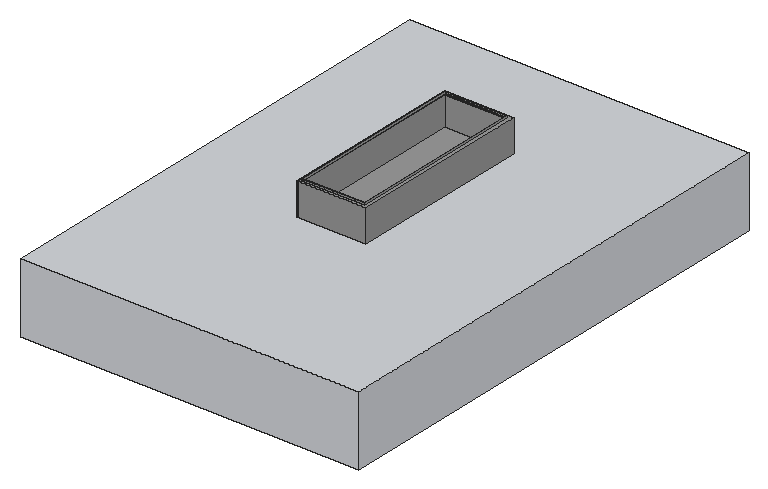
Revit family "Hager-Univers-IP30-D160-1x5rows-Cl.II-FWQ_encl_QS-NL-en", category Equipement électrique, Revit 2020
Family settings
  Hôte = Face
  Configuration du panneau = Deux colonnes, circuits au sein
  Cote de connecteur circulaire = Utiliser le diamètre
  Type d'élément = Tableau de raccordement
  Couper avec des vides une fois chargée = Non
  Partagée = Non
  Point de calcul de pièce = Non
Parameters (values of type "Surface mounted (plaster) IP30 W300 H800 D160  - FWQ51D1")
  Width Control [instance] = if([EF000008 - Width] > Min Width, [EF000008 - Width], Min Width)  # 300 mm
  Commentaires du type = [HG000003 - Range]  # "Univers"
  Thickness Door [instance] = if([EF009171 - Material plate thickness door/cover] > 3 mm, 3 mm, [EF009171 - Material plate thickness door/cover])  # 2 mm
  Seal Frame Offset [instance] = 17 mm  # constant formula
  Plinth Visibility [instance] = [HG000027 - Plinth height] > 0 mm  # no
  Model = ""
  Min Width [instance] = 100 mm  # constant formula
  Min Height [instance] = 100 mm  # constant formula
  Min Depth [instance] = (2 * [EF009170 - Material plate thickness cabinet]) + 1 mm  # 5 mm
  Internal Frame Depth [instance] = (Door System Depth * 0.5)  # 9 mm
  Height Control [instance] = if([EF000040 - Height] > Min Height, [EF000040 - Height], Min Height)  # 800 mm
  HG000027 - Plinth height = 0 mm
  HG000026 - Floor standing = no
  HG000024 - Bottom section height = 800 mm
  HG000023 - Double section enclosure = no
  HG000016 - Door 3d visibility [instance] = yes
  HG000015 - Clearance visibility [instance] = no
  HG000014 - Door on the right [instance] = yes
  HG000013 - Door on the left [instance] = not([HG000014 - Door on the right])  # no
  HG000012 - Door swing angle [instance] = 30.00°
  HG000010 - Asymmetric doors = no
  HG000009 - Double swing door = no
  HG000006 - Flush mounted = no
  HG000004 - Manufacturer reference = "FWQ51D1"
  HG000003 - Range = "Univers"
  HG000002 - With door or cover = no
  Frame Offset Bottom [instance] = 10 mm  # constant formula
  Frame Offset [instance] = 15 mm  # constant formula
  EF015940 - Cover with overpressure release = no
  EF011959 - Degree of protection (NEMA) = ""
  EF009554 - Number of openings for flange plates = 2
  EF009212 - Cover model = "EV009916 - With notch"
  EF009171 - Material plate thickness door/cover = 2 mm
  EF009170 - Material plate thickness cabinet = 2 mm
  Fabricant = "Hager"  # constant formula
  EF008873 - Nominal current (In) = 125 A
  EF007800 - Suitable for lightning protection = no
  EF006306 - With lock = no
  EF006244 - Transparent cover/door = no
  EF005474 - Degree of protection (IP) = "EV006410 - IP30"
  EF004464 - Type of door = "EV002646 - Single"
  EF004427 - Number of modules = 60
  EF004293 - Impact strength = ""
  EF003532 - Suitable for outdoor use = no
  EF002950 - Width in number of modular spacings = 12
  EF001613 - Circuit integrity = "EV000494 - None"
  EF001596 - Material housing = "EV000179 - Steel"
  EF001131 - Internal depth = 160 mm
  EF001088 - Extension possible = yes
  EF000437 - Number of conduit inlets = 4
  EF000339 - Type of cover = "EV001012 - Cover"
  EF000266 - Number of rows = 5
  EF000218 - Built-in depth = 0 mm
  EF000118 - With mounting plate = yes
  EF000116 - RAL-number = "9010"
  EF000049 - Depth = 160 mm
  EF000040 - Height = 800 mm
  EF000008 - Width = 300 mm
  EF000007 - Colour = "EV000202 - White"
  EF000003 - Mounting method = "EV000384 - Surface mounted (plaster)"
  Door System Leaf Tolerance [instance] = 1.5 mm  # constant formula
  Door System Depth [instance] = 18 mm  # constant formula
  Door Height [instance] = Height Control - [HG000027 - Plinth height]  # 800 mm
  Depth Control [instance] = if([EF000049 - Depth] > Min Depth, [EF000049 - Depth], Min Depth)  # 160 mm
  Default Elevation = 0 mm
  Connector Offset [instance] = Height Control / 2  # 400 mm
  Bottom Top Plate Trim [instance] = 1.5 mm  # constant formula
  Plinth height Ctrl [instance] = if([HG000027 - Plinth height] > 0 mm, [HG000027 - Plinth height], 12 mm)  # 12 mm
Reference planes
  plane 1 "Center (Front/Back)": y = 0
  plane 2: z = 0
  plane 3 "Center (Left/Right)": x = 0
  plane 4: z = 160
  plane 5: y = 2
  plane 6: y = 400
  plane 7: y = 0
  plane 8: y = 800
  plane 9: z = 0
  plane 10: x = -135
  plane 11: x = 135
  plane 12: x = 133
  plane 13: x = -133
  plane 14: y = 798
  plane 15: x = -133
  plane 16: x = -150
  plane 17: x = 133
  plane 18: x = 150
  plane 19: x = 148
  plane 20: x = -148
  plane 21: y = 12
  plane 22: y = 800
  plane 23: y = 783
  plane 24: z = 142
  plane 25: z = 2
  plane 26: z = 140
  plane 27: z = 158
Forms (mm)
  Extrusion 1, solid
    sketch origin (0, 0, 0) x (1, 0, 0) y (0, 1, 0)
      loop
        line (-702.964, 1305) -> (-702.964, -811.445) -> (766.763, -811.445) -> (766.763, 1305) -> (-702.964, 1305)
    from 0 to -304.8
  Extrusion 2, solid, material "Hager_Steel_RAL7035_Light_Grey", visible <- "Plinth Visibility", detail levels medium+fine
    sketch origin (0, 0, 0) x (1, 0, 0) y (0, 1, 0)
      loop
        line (-150, 0) -> (150, 0) -> (150, 12) -> (-150, 12) -> (-150, 0)
    from 0 to 142
  Extrusion 3, solid, material "Hager_Steel_RAL7035_Light_Grey", detail levels medium+fine
    sketch origin (0, 0, 0) x (1, 0, 0) y (0, 1, 0)
      loop
        line (-150, 0) -> (150, 0) -> (150, 800) -> (-150, 800) -> (-150, 0)
    from 0 to 142
  Extrusion 4, void
    sketch origin (0, 0, 0) x (1, 0, 0) y (0, 1, 0)
      loop
        line (-148, 2) -> (148, 2) -> (148, 798) -> (-148, 798) -> (-148, 2)
    from 2 to 140
  Extrusion 5, void
    sketch origin (-381.607, -4572, 142) x (0, -1, 0) y (-1, 0, 0)
      loop
        line (-4584, -248.607) -> (-5355, -248.607) -> (-5355, -514.607) -> (-4584, -514.607) -> (-4584, -248.607)
    from 0 to 2 <- "EF009170 - Material plate thickness cabinet"
  Extrusion 6, solid, material "Hager_Steel_RAL7035_Light_Grey", detail levels fine
    sketch origin (0, 0, 142) x (1, 0, 0) y (0, 1, 0)
      loop
        line (-133, 783) -> (-133, 12) -> (133, 12) -> (133, 783) -> (-133, 783)
      loop
        line (-135, 10) -> (135, 10) -> (135, 785) -> (-135, 785) -> (-135, 10)
    from 0 to 9 <- "Internal Frame Depth"
  Extrusion 7, solid, material "Hager_Steel_RAL7035_Light_Grey", detail levels coarse
    sketch origin (0, 0, 0) x (1, 0, 0) y (0, 1, 0)
      loop
        line (-150, 0) -> (150, 0) -> (150, 800) -> (-150, 800) -> (-150, 0)
    from 0 to 160
  Sweep 8, void
    path in 3D
      loop
        line (-150, 12, 0) -> (150, 12, 0) -> (150, 12, 142) -> (-150, 12, 142) -> (-150, 12, 0)
    profile origin (-150, 12, 71) x (-1, 0, 0) y (0, -1, 0)
      loop
        line (0, 0) -> (0, 1.5) -> (-1.5, 1.5)
        arc (-1.5, 1.5) -> (-1.061, 0.439) -> (0, 0) r 1.5
Cuts and joins
  Extrusion 4, Extrusion 5 cuts Extrusion 3
  Sweep 8 cuts Extrusion 2
Lines and regions (mm)
  Masking region 1
    outline origin (0, 0, 0) x (1, 0, 0) y (0, 0, 1)
      loop
        line (-150, 160) -> (-150, 0) -> (150, 0) -> (150, 160) -> (-150, 160)
  Masking region 2, detail levels medium+fine
    outline origin (0, 140, 0) x (0, 1, 0) y (0, 0, 1)
      loop
        line (-140, 0) -> (660, 0) -> (660, 142) -> (-140, 142) -> (-140, 0)
  Masking region 3, not visible, detail levels medium+fine
    outline origin (0, 297.922, 0) x (0, 1, 0) y (0, 0, 1)
      loop
        line (113.578, 0) -> (153.578, 0) -> (153.578, 148)
        arc (153.578, 148) -> (150.649, 155.071) -> (143.578, 158) r 10
        line (143.578, 158) -> (113.578, 158) -> (113.578, 0)
  Masking region 4, detail levels coarse
    outline origin (0, 0, 180) x (0, 1, 0) y (0, 0, 1)
      loop
        line (0, -180) -> (800, -180) -> (800, -20) -> (0, -20) -> (0, -180)
  Masking region 5, visible <- "Plinth Visibility", detail levels medium+fine
    outline origin (0, 52.24, 12.345) x (0, 0, -1) y (0, 1, 0)
      loop
        line (10.845, -40.24) -> (-128.155, -40.24)
        arc (-128.155, -40.24) -> (-128.594, -41.301) -> (-129.655, -41.74) r 1.5
        line (-129.655, -41.74) -> (-129.655, -52.24) -> (12.345, -52.24) -> (12.345, -41.74)
        arc (12.345, -41.74) -> (11.285, -41.301) -> (10.845, -40.24) r 1.5
  Masking region 6, detail levels medium+fine
    outline origin (-381.607, -4572, 142) x (-1, 0, 0) y (0, -1, 0)
      loop
        line (-231.607, -5372) -> (-231.607, -4572) -> (-531.607, -4572) -> (-531.607, -5372) -> (-231.607, -5372)
  Masking region 7, visible <- "Plinth Visibility", detail levels medium+fine
    outline origin (-381.607, -4727, 142) x (-1, 0, 0) y (0, -1, 0)
      loop
        arc (-233.107, -4739) -> (-232.668, -4737.939) -> (-231.607, -4737.5) r 1.5
        line (-231.607, -4737.5) -> (-231.607, -4727) -> (-531.607, -4727) -> (-531.607, -4737.5)
        arc (-531.607, -4737.5) -> (-530.546, -4737.939) -> (-530.107, -4739) r 1.5
        line (-530.107, -4739) -> (-233.107, -4739)
  Masking region 8, detail levels coarse
    outline origin (-442.548, -4669.526, 142) x (-1, 0, 0) y (0, -1, 0)
      loop
        line (-292.548, -5469.526) -> (-292.548, -4669.526) -> (-592.548, -4669.526) -> (-592.548, -5469.526) -> (-292.548, -5469.526)
  sketch lines
    curve 1: line (-150, 12, 142) -> (-150, 12, 0)
    curve 2: line (150, 12, 142) -> (-150, 12, 142)
    curve 3: line (150, 12, 142) -> (150, 12, 0)
    curve 4: line (-150, 12, 0) -> (150, 12, 0)
Dimensions and locks
  "Depth Control": plane 4 to Extrusion 1
  "HG000027 - Plinth height": plane 1 "Center (Front/Back)" to plane 7
  "EF009170 - Material plate thickness cabinet": plane 5 to plane 7
  locked: connector elem to plane 3 "Center (Left/Right)"
  equal spacing: plane 8, plane 6, plane 7
  locked: connector elem to plane 6
  "EF009170 - Material plate thickness cabinet": plane 8 to plane 14
  "EF009170 - Material plate thickness cabinet": plane 10 to plane 13
  "EF009170 - Material plate thickness cabinet": plane 12 to plane 11
  "Frame Offset": plane 20 to plane 13
  "Frame Offset": plane 12 to plane 19
  "EF009170 - Material plate thickness cabinet": plane 16 to plane 20
  "EF009170 - Material plate thickness cabinet": plane 19 to plane 18
  "Seal Frame Offset": plane 16 to plane 15
  "Seal Frame Offset": plane 17 to plane 18
  "Frame Offset Bottom": plane 21 to plane 5
  "Frame Offset": plane 14 to plane 23
  equal spacing: plane 16, plane 3 "Center (Left/Right)", plane 18
  "Width Control": plane 16 to plane 18
  "EF009170 - Material plate thickness cabinet": plane 4 to plane 27
  "EF009170 - Material plate thickness cabinet": plane 24 to plane 26
  "EF009170 - Material plate thickness cabinet": plane 25 to level
  "Door System Depth": plane 4 to plane 24
  "Height Control": plane 1 "Center (Front/Back)" to Extrusion 7 sketch curve
  "Height Control": Masking region 4 sketch curve to plane 1 "Center (Front/Back)"
  "Height Control": plane 1 "Center (Front/Back)" to plane 22
  "Bottom Top Plate Trim": profile plane to Sweep 8 sketch curve
  "Bottom Top Plate Trim": Sweep 8 sketch curve to profile plane
  "Plinth height Ctrl": plane 1 "Center (Front/Back)" to Extrusion 2 sketch curve
  "Plinth height Ctrl": Masking region 5 sketch curve to plane 1 "Center (Front/Back)"
  "Plinth height Ctrl": plane 1 "Center (Front/Back)" to Masking region 7 sketch curve
  "Thickness Door": Extrusion 6 sketch curve to Extrusion 6 sketch curve  (x3)
  "Thickness Door": cut or joined group of Extrusion 3, Extrusion 4, Extrusion 5 to Extrusion 6 sketch curve
  radius of Masking region 3 sketch curve = 10 mm
  "Bottom Top Plate Trim": radius of Masking region 5 sketch curve  (x2)
  "Bottom Top Plate Trim": radius of Sweep 8 sketch curve
  "Bottom Top Plate Trim": radius of Masking region 7 sketch curve  (x2)
  aligned and locked: plane 2 to Extrusion 1
  aligned and locked: level to Extrusion 1
  aligned and locked: level to Masking region 1 sketch curve
  aligned and locked: Masking region 1 sketch curve to plane 18
  aligned and locked: Masking region 1 sketch curve to plane 16
  aligned and locked: plane 7 to Masking region 2 sketch curve
  aligned and locked: level to Masking region 3 sketch curve
  aligned and locked: Masking region 3 sketch curve to plane 27
  aligned and locked: level to Masking region 2 sketch curve
  aligned and locked: plane 1 "Center (Front/Back)" to Extrusion 2 sketch curve
  aligned and locked: Extrusion 3 sketch curve to plane 7
  aligned and locked: plane 16 to Extrusion 3 sketch curve
  aligned and locked: plane 18 to Extrusion 3 sketch curve
  aligned and locked: plane 20 to Extrusion 4 sketch curve
  aligned and locked: plane 19 to Extrusion 4 sketch curve
  aligned and locked: Extrusion 4 sketch curve to plane 5
  aligned and locked: Extrusion 4 to plane 25
  aligned and locked: plane 26 to Extrusion 4
  aligned and locked: plane 24 to Extrusion 3
  aligned and locked: plane 21 to Extrusion 5 sketch curve
  aligned and locked: Extrusion 5 sketch curve to plane 13
  aligned and locked: Extrusion 5 sketch curve to plane 12
  aligned and locked: plane 18 to Extrusion 7 sketch curve
  aligned and locked: plane 1 "Center (Front/Back)" to Extrusion 7 sketch curve
  aligned and locked: plane 16 to Extrusion 7 sketch curve
  aligned and locked: plane 4 to Extrusion 7
  aligned and locked: Extrusion 7 to level
  aligned and locked: level to Masking region 4 sketch curve
  aligned and locked: Masking region 4 sketch curve to plane 1 "Center (Front/Back)"
  aligned and locked: Masking region 4 sketch curve to plane 4
  aligned and locked: nested 1 to level
  aligned and locked: nested 1 to plane 16
  aligned and locked: plane 8 to Extrusion 3 sketch curve
  aligned and locked: plane 23 to Extrusion 5 sketch curve
  aligned and locked: plane 14 to Extrusion 4 sketch curve
  aligned and locked: Masking region 2 sketch curve to plane 8
  aligned and locked: level to Masking region 5 sketch curve
  aligned and locked: plane 16 to Extrusion 2 sketch curve
  aligned and locked: plane 18 to Extrusion 2 sketch curve
  aligned and locked: Masking region 5 sketch curve to plane 24
  aligned and locked: Masking region 2 sketch curve to plane 24
  aligned and locked: plane 24 to Extrusion 2
  aligned and locked: profile plane to Sweep 8 sketch curve  (x2)
  aligned and locked: Masking region 6 sketch curve to plane 18
  aligned and locked: Masking region 6 sketch curve to plane 22
  aligned and locked: Masking region 6 sketch curve to plane 16
  aligned and locked: plane 8 to plane 22
  aligned and locked: plane 7 to Masking region 6 sketch curve
  aligned and locked: Masking region 7 sketch curve to plane 16
  aligned and locked: Masking region 7 sketch curve to plane 1 "Center (Front/Back)"
  aligned and locked: Masking region 7 sketch curve to plane 18
  aligned and locked: Masking region 8 sketch curve to plane 1 "Center (Front/Back)"
  aligned and locked: Masking region 8 sketch curve to plane 18
  aligned and locked: Masking region 8 sketch curve to plane 22
  aligned and locked: Masking region 8 sketch curve to plane 16
  aligned and locked: nested 2 to plane 7
  aligned and locked: plane 3 "Center (Left/Right)" to nested 2
  aligned and locked: plane 24 to nested 2
  aligned and locked: Extrusion 6 sketch curve to cut or joined group of Extrusion 3, Extrusion 4, Extrusion 5  (x4)
Automatic sketch dimensions
  Extrusion 1 sketch curve to Extrusion 1 sketch curve = 1469.727 mm
  Extrusion 1 sketch curve to Extrusion 1 sketch curve = 2116.445 mm
  Masking region 1 sketch curve to plane 4 = 0 mm
  plane 6 to Masking region 3 sketch curve = 11.5 mm
  Masking region 3 sketch curve to Masking region 3 sketch curve = 30 mm
  Masking region 5 sketch curve to plane 1 "Center (Front/Back)" = 0 mm
Nested families
  nested 1: "Hager_Enclosure_Symbol" at (-150, 0, 0) x (1, 0, 0) z (0, -1, 0), Height <- "Depth Control", Width <- "Width Control", type "Hager_Enclosure_Symbol"
    with Width_Ctrl 300 mm, Width 300 mm, Height_Ctrl 160 mm, Height 160 mm, A_Width_Int 10.5 mm, A_Width 126 mm, A_Height_Ctrl 140 mm, A_Height 140 mm
  nested 2: "EC000058_Univers_Door" at (0, 0, 142) x (1, 0, 0) z (0, 1, 0), Leaf_Tolerance <- "Door System Leaf Tolerance", Angle <- "HG000012 - Door swing angle", Door_Depth <- "Door System Depth", Door_Left <- "HG000013 - Door on the left", Transparent <- "EF006244 - Transparent cover/door", Assymetrical <- "HG000010 - Asymmetric doors", Width <- "Width Control", Clearance <- "HG000015 - Clearance visibility", Double <- "HG000009 - Double swing door", 3d_Door <- "HG000016 - Door 3d visibility", Lock_Visibility <- "EF006306 - With lock", Width_Ctrl <- "Width Control", Door_Right <- "HG000014 - Door on the right", Door <- "HG000002 - With door or cover", Height <- "Door Height", Thickness <- "Thickness Door", type "EC000058_Univers_Door", detail levels medium+fine
    with min_wh 5 mm, Width_Ctrl 300 mm, Width 300 mm, Transparent no, Thickness 2 mm, Seal_Material Hager_Rubber, Lock_Visibility no, Lock_Material Hager_Plastic_RAL9005_Jet_Black, Leaf_Width 300 mm, Leaf_Tolerance_External_Sides 0 mm, Leaf_Tolerance 1.5 mm, Leaf_Offset 0 mm, Leaf_Height 797 mm, Leaf_2_Width 300 mm, Leaf_2_Offset 150 mm, Leaf_1_Width 300 mm, Leaf_1_Offset 150 mm, Height_Ctrl 800 mm, Height 800 mm, Glass_Material Hager_Glass, Double_Clearance_Ctrl no, Double no, Door_Right_Ctrl no, Door_Right yes, Door_Material Hager_Steel_RAL7035_Light_Grey, Door_Left_Ctrl no, Door_Left no, Door_Depth 18 mm, Door no, Clearance_Material Hager_Clearance, Clearance_Depth 300 mm, Clearance_Ctrl no, Clearance no, Assymetrical no, Angle 30.00°, 3d_Door yes
Connectors
  electrical at (0, 400, 0)
    settings: on plane 9, index 1, voltage 0 V, apparent load 0 VA, apparent load phase1 0 VA, apparent load phase2 0 VA, apparent load phase3 0 VA, power factor 1, load classification "Other", number of poles 1, system type 30, power factor state 1, is connector primary yes, connector utility no, sub classification motor no, connector description ""
Definition of nested family "Hager_Enclosure_Symbol"
  Parameters (values of type "Hager_Enclosure_Symbol")
    Width_Ctrl [instance] = if(Width > 1 mm, Width, 1 mm)  # 102.27 mm
    Width [instance] = 102.27 mm
    Height_Ctrl [instance] = if(Height > 1 mm, Height, 1 mm)  # 66.5 mm
    A_Width_Int [instance] = if(A_Width / 12 > 2 mm, A_Width / 12, 2 mm)  # 4.364 mm
    A_Width [instance] = if(A_Height_Ctrl * 0.9 > 2 mm, A_Height_Ctrl * 0.9, 2 mm)  # 52.369 mm
    A_Height_Ctrl [instance] = if(A_Height > 2 mm, A_Height, 2 mm)  # 58.188 mm
    Height [instance] = 66.5 mm
    A_Height [instance] = Height - (Height / 8)  # 58.188 mm
  Reference planes
    plane 1 "Centre (avant/arrière)": y = 0
    plane 2: z = 0
    plane 3 "Centre (gauche/droite)": x = 0
    plane 4: x = 52.369
    plane 5: y = 33.042
    plane 6: y = 41.77
    plane 7: y = 66.5
    plane 8: x = 26.184
    plane 9: y = 37.406
    plane 10: x = 102.27
    plane 11: y = 66.5
    plane 12: y = 8.313
  Lines and regions (mm)
    Filled region 1, type "Solid_Black", in view "Niveau de réf."
      outline origin (0, 0, 0) x (1, 0, 0) y (0, 1, 0)
        loop
          line (52.369, 66.5) -> (33.188, 54.536) -> (45.365, 45.006) -> (52.369, 66.5)
    Filled region 2, type "Solid_Black", in view "Niveau de réf."
      outline origin (0, 0, 0) x (1, 0, 0) y (0, 1, 0)
        loop
          line (0, 0) -> (102.27, 0) -> (102.27, 66.5) -> (0, 0)
    detail lines, in view "Niveau de réf."
      curve 1: line (0, 8.313, 0) -> (26.184, 41.77, 0)
      curve 2: line (26.184, 41.77, 0) -> (26.184, 33.042, 0)
      curve 3: line (26.184, 33.042, 0) -> (52.369, 66.5, 0)
  Dimensions and locks
    "A_Width": plane 3 "Centre (gauche/droite)" to plane 4
    equal spacing: plane 3 "Centre (gauche/droite)", plane 8, plane 4
    equal spacing: plane 6, plane 9, plane 5
    equal spacing: curve 3, Filled region 1 sketch curve, Filled region 1 sketch curve
    "Height_Ctrl": plane 1 "Centre (avant/arrière)" to plane 11
    "A_Height_Ctrl": plane 11 to plane 12
    equal spacing: plane 11, plane 9, plane 12
    "A_Width_Int": plane 6 to plane 9
    "Width_Ctrl": plane 3 "Centre (gauche/droite)" to plane 10
    angle Filled region 1 sketch curve to curve 3 = 20.00°
    angle curve 3 to Filled region 1 sketch curve = 20.00°
    locked: curve 3 to Filled region 1 sketch curve (angle 90.00°)
    aligned and locked: plane 10 to Filled region 2
    aligned and locked: plane 11 to Filled region 2 sketch curve
    aligned and locked: plane 10 to Filled region 2 sketch curve
    aligned and locked: plane 3 "Centre (gauche/droite)" to curve 1
    aligned and locked: plane 12 to curve 1
    aligned and locked: plane 7 to plane 11
  Automatic sketch dimensions
    Filled region 1 sketch curve to plane 4 = 0 mm
    Filled region 1 sketch curve to plane 7 = 0 mm
    plane 1 "Centre (avant/arrière)" to Filled region 2 sketch curve = 0 mm
    Filled region 2 sketch curve to plane 3 "Centre (gauche/droite)" = 0 mm
    curve 2 to plane 6 = 0 mm
    curve 2 to plane 8 = 0 mm
    curve 3 to plane 4 = 0 mm
    curve 2 to plane 5 = 0 mm
    curve 3 to plane 7 = 0 mm
Definition of nested family "EC000058_Univers_Door"
  Parameters (values of type "EC000058_Univers_Door")
    min_wh [instance] = (2 * Thickness) + 1 mm  # 11 mm
    Width_Ctrl [instance] = 400 mm
    Width [instance] = 500 mm
    Transparent [instance] = yes
    Thickness [instance] = 5 mm
    Seal_Material [instance] = none
    Lock_Visibility [instance] = yes
    Lock_Material [instance] = none
    Leaf_Width [instance] = if((Width_Ctrl - 2 * Leaf_Tolerance_External_Sides) > 0 mm, (Width_Ctrl - 2 * Leaf_Tolerance_External_Sides), min_wh)  # 400 mm
    Leaf_Tolerance_External_Sides [instance] = 0 mm  # constant formula
    Leaf_Tolerance [instance] = 1.5 mm
    Leaf_Offset [instance] = 0 mm  # constant formula
    Leaf_Height [instance] = if((Height_Ctrl - 2 * Leaf_Tolerance) > 0 mm, (Height_Ctrl - 2 * Leaf_Tolerance), min_wh)  # 497 mm
    Leaf_2_Width [instance] = if(and(and(Double, Assymetrical), Door_Left), (Leaf_Width / 3) - (Leaf_Tolerance / 2), if(and(and(Double, Assymetrical), Door_Right), (Leaf_Width / 3) * 2 - (Leaf_Tolerance / 2), if(and(Double, not(Assymetrical)), (Leaf_Width / 2) - Leaf_Tolerance, Leaf_Width)))  # 400 mm
    Leaf_2_Offset [instance] = if(and(Double, Assymetrical), Leaf_2_Width / 2, if(and(Double, not(Assymetrical)), Leaf_Width / 4, Leaf_Width / 2))  # 200 mm
    Leaf_1_Width [instance] = if(and(and(Double, Assymetrical), Door_Right), (Leaf_Width / 3) - (Leaf_Tolerance / 2), if(and(and(Double, Assymetrical), Door_Left), (Width / 3) * 2 - (Leaf_Tolerance / 2), if(and(Double, not(Assymetrical)), (Leaf_Width / 2) - Leaf_Tolerance, Leaf_Width)))  # 400 mm
    Leaf_1_Offset [instance] = if(and(Double, Assymetrical), Leaf_1_Width / 2, if(and(Double, not(Assymetrical)), Leaf_Width / 4, Leaf_Width / 2))  # 200 mm
    Height_Ctrl [instance] = if(Height > min_wh, Height, min_wh)  # 500 mm
    Height [instance] = 500 mm
    Glass_Material [instance] = none
    Double_Clearance_Ctrl [instance] = and(Double, Clearance)  # no
    Double [instance] = no
    Door_Right_Ctrl [instance] = and(or(Door_Right, Double), Door)  # yes
    Door_Right [instance] = yes
    Door_Material [instance] = none
    Door_Left_Ctrl [instance] = and(or(Door_Left, Double), Door)  # no
    Door_Left [instance] = no
    Door_Depth [instance] = 30 mm
    Door [instance] = yes
    Default Elevation = 1219.2 mm
    Clearance_Material [instance] = none
    Clearance_Depth [instance] = if(Leaf_1_Width > Leaf_2_Width, Leaf_1_Width, Leaf_2_Width)  # 400 mm
    Clearance_Ctrl [instance] = and(not(Double), Clearance)  # yes
    Clearance [instance] = yes
    Assymetrical [instance] = yes
    Angle [instance] = 30.00°
    3d_Door [instance] = yes
  Reference planes
    plane 1 "Center (Front/Back)": y = 0
    plane 2 "Bottom": z = 0
    plane 3 "Center (Left/Right)": x = 0
    plane 4: z = 500
    plane 5: x = -200
    plane 6: x = 200
    plane 7: z = 500
    plane 8: x = -200
    plane 9: z = 0
    plane 10: x = 200
    plane 11: y = 0
    plane 12: z = 1.5
    plane 13: x = -600
    plane 14: y = -400
    plane 15: x = 600
    plane 16: x = 0
    plane 17: x = 0
    plane 18: x = -200
    plane 19: x = 200
    plane 20: z = 498.5
  Forms (mm)
    Extrusion 1, solid, material <- "Clearance_Material", visible <- "Double_Clearance_Ctrl"
      sketch origin (1200, 0, 0) x (1, 0, 0) y (0, 0, -1)
        loop
          line (-1800, -498.5) -> (-600, -498.5) -> (-600, 0) -> (-1800, 0) -> (-1800, -498.5)
      from 0 to -400
  Dimensions and locks
    equal spacing: plane 5, plane 3 "Center (Left/Right)", plane 6
    "Width_Ctrl": plane 5 to plane 6
    "Leaf_Offset": plane 5 to plane 8
    "Leaf_Offset": plane 6 to plane 10
    "Leaf_Offset": plane 9 to level
    "Leaf_Offset": plane 4 to plane 7
    "Height_Ctrl": plane 4 to level
    "Leaf_Tolerance": plane 12 to plane 9
    locked: plane 11 to plane 1 "Center (Front/Back)"
    "Leaf_1_Offset": plane 18 to plane 16
    "Leaf_2_Offset": plane 17 to plane 19
    "Leaf_1_Width": plane 13 to plane 8
    "Leaf_2_Width": plane 10 to plane 15
    "Clearance_Depth": plane 14 to plane 1 "Center (Front/Back)"
    "Leaf_Tolerance_External_Sides": plane 8 to plane 18
    "Leaf_Tolerance_External_Sides": plane 19 to plane 10
    "Leaf_Tolerance": plane 7 to plane 20
    aligned and locked: level to plane 2 "Bottom"
    aligned and locked: nested 1 to plane 16
    aligned and locked: nested 2 to plane 17
    aligned and locked: Extrusion 1 to plane 13
    aligned and locked: plane 15 to Extrusion 1
    aligned and locked: Extrusion 1 to plane 14
    aligned and locked: plane 12 to nested 1
    aligned and locked: nested 2 to plane 12
    aligned and locked: Extrusion 1 to plane 11
    aligned and locked: plane 20 to Extrusion 1
    aligned and locked: nested 2 to plane 11
    aligned and locked: nested 1 to plane 11
  Automatic sketch dimensions
    Extrusion 1 sketch curve to level = 0 mm
    plane 5 to Extrusion 1 sketch curve = 400 mm
    plane 6 to Extrusion 1 sketch curve = 400 mm
    Extrusion 1 sketch curve to plane 4 = 1.5 mm
  Nested families
    nested 1: "EC000058_Univers_Door_Leaf" at (0, 0, 1.5), Width <- "Leaf_1_Width", visible <- "Door_Left_Ctrl", Leaf_Height <- "Leaf_Height", Angle <- "Angle", 3d_Door <- "3d_Door", Transparent <- "Transparent", Clearance Material <- "Clearance_Material", Clearance <- "Clearance_Ctrl", Door_Material <- "Door_Material", Glass_Material <- "Glass_Material", Door_Depth <- "Door_Depth", Lock_Material <- "Lock_Material", Seal_Material <- "Seal_Material", Lock_Visibility <- "Lock_Visibility", Thickness <- "Thickness", type "EC000058_Univers_Door_Leaf"
      with Width 400 mm, Transparent_Glass_Offset 30 mm, Transparent_Ctrl yes, Transparent yes, Thickness 5 mm, Standard no, Seal_Material none, Seal_D2 8 mm, Seal_D1 1 mm, Offset_Internal_Frame 10 mm, Lock_Width 20 mm, Lock_Visibility_3d yes, Lock_Visibility yes, Lock_Thickness_3 3 mm, Lock_Thickness_2 1 mm, Lock_Thickness_1 3 mm, Lock_Radius_Offset_2 16 mm, Lock_Radius_Offset_1 15 mm, Lock_Radius_2 5 mm, Lock_Radius 6 mm, Lock_Offset 5 mm, Lock_Material none, Lock_Height 80 mm, Lock_Cover_Top_Offset_2d 17 mm, Lock_Cover_Height -65 mm, Leaf_Height 497 mm, Internal_Seal_Thickness 8 mm, Internal_Seal_Depth_2 4.5 mm, Internal_Frame_Depth 25 mm, Glass_Thickness -1 mm, Glass_Offset -2 mm, Glass_Material none, Door_Material none, Door_Depth 30 mm, Clearance Material none, Clearance yes, Angle_Ctrl 30.00°, Angle 30.00°, 3d_Door yes
    nested 2: "EC000058_Univers_Door_Leaf" at (0, 0, 1.5) x (-1, 0, 0) z (0, 0, 1), Width <- "Leaf_2_Width", visible <- "Door_Right_Ctrl", Leaf_Height <- "Leaf_Height", Angle <- "Angle", 3d_Door <- "3d_Door", Transparent <- "Transparent", Clearance Material <- "Clearance_Material", Clearance <- "Clearance_Ctrl", Door_Material <- "Door_Material", Glass_Material <- "Glass_Material", Door_Depth <- "Door_Depth", Lock_Material <- "Lock_Material", Seal_Material <- "Seal_Material", Lock_Visibility <- "Lock_Visibility", Thickness <- "Thickness", type "EC000058_Univers_Door_Leaf"
      with Width 400 mm, Transparent_Glass_Offset 30 mm, Transparent_Ctrl yes, Transparent yes, Thickness 5 mm, Standard no, Seal_Material none, Seal_D2 8 mm, Seal_D1 1 mm, Offset_Internal_Frame 10 mm, Lock_Width 20 mm, Lock_Visibility_3d yes, Lock_Visibility yes, Lock_Thickness_3 3 mm, Lock_Thickness_2 1 mm, Lock_Thickness_1 3 mm, Lock_Radius_Offset_2 16 mm, Lock_Radius_Offset_1 15 mm, Lock_Radius_2 5 mm, Lock_Radius 6 mm, Lock_Offset 5 mm, Lock_Material none, Lock_Height 80 mm, Lock_Cover_Top_Offset_2d 17 mm, Lock_Cover_Height -65 mm, Leaf_Height 497 mm, Internal_Seal_Thickness 8 mm, Internal_Seal_Depth_2 4.5 mm, Internal_Frame_Depth 25 mm, Glass_Thickness -1 mm, Glass_Offset -2 mm, Glass_Material none, Door_Material none, Door_Depth 30 mm, Clearance Material none, Clearance yes, Angle_Ctrl 30.00°, Angle 30.00°, 3d_Door yes
  Definition of nested family "EC000058_Univers_Door_Leaf"
    Parameters (values of type "EC000058_Univers_Door_Leaf")
      Width [instance] = 2000 mm
      Transparent_Glass_Offset [instance] = 30 mm
      Transparent_Ctrl [instance] = and(Transparent, [3d_Door])  # yes
      Transparent [instance] = yes
      Thickness [instance] = 5 mm
      Standard [instance] = and(not(Transparent), [3d_Door])  # no
      Seal_Material [instance] = none
      Seal_D2 [instance] = 8 mm  # constant formula
      Seal_D1 [instance] = 1 mm  # constant formula
      Offset_Internal_Frame [instance] = 10 mm  # constant formula
      Lock_Width [instance] = 20 mm  # constant formula
      Lock_Visibility_3d [instance] = and(Lock_Visibility, [3d_Door])  # yes
      Lock_Visibility [instance] = yes
      Lock_Thickness_3 [instance] = 3 mm  # constant formula
      Lock_Thickness_2 [instance] = 1 mm  # constant formula
      Lock_Thickness_1 [instance] = 3 mm  # constant formula
      Lock_Radius_Offset_2 [instance] = Lock_Radius_Offset_1 + 1 mm  # 16 mm
      Lock_Radius_Offset_1 [instance] = 15 mm  # constant formula
      Lock_Radius_2 [instance] = Lock_Radius - 1 mm  # 5 mm
      Lock_Radius [instance] = 6 mm  # constant formula
      Lock_Offset [instance] = 5 mm  # constant formula
      Lock_Material [instance] = none
      Lock_Height [instance] = 80 mm  # constant formula
      Lock_Cover_Top_Offset_2d [instance] = Lock_Radius_Offset_2 + 1 mm  # 17 mm
      Lock_Cover_Height [instance] = -(Lock_Height - Lock_Radius_Offset_1)  # -65 mm
      Leaf_Height [instance] = 2720.336 mm
      Internal_Seal_Thickness [instance] = 8 mm  # constant formula
      Internal_Seal_Depth_2 [instance] = 4.5 mm  # constant formula
      Internal_Frame_Depth [instance] = if(Door_Depth - Thickness > 5 mm, Door_Depth - Thickness, 5 mm)  # 25 mm
      Glass_Thickness [instance] = if(Thickness > 15 mm, Glass_Offset + 10 mm, -1 mm)  # -1 mm
      Glass_Offset [instance] = if(Thickness > 15 mm, -(Thickness + 10 mm) / 2, -2 mm)  # -2 mm
      Glass_Material [instance] = none
      Door_Material [instance] = none
      Door_Depth [instance] = 30 mm
      Default Elevation = 0 mm
      Clearance Material [instance] = none
      Clearance [instance] = yes
      Angle_Ctrl [instance] = if(Angle > 180.00°, 180.00°, Angle)  # 90.00°
      Angle [instance] = 90.00°
      3d_Door [instance] = yes
    Reference planes
      plane 1 "Center (Front/Back)": y = 0
      plane 2: z = 0
      plane 3 "Center (Left/Right)": x = 0
      plane 4: y = 2000
      plane 5: x = -1000
      plane 6: x = 1000
      plane 7: x = -3000
      plane 8: z = 2720.336
      plane 9: z = 30
      plane 10: z = 2690.336
      plane 11: x = 970
      plane 12: x = -970
      plane 13: y = -3
      plane 14: z = 107.833
      plane 15: y = -5
      plane 16: y = -223.314
      plane 17: x = -1000
      plane 18: z = 1360.168
      plane 19: y = 30
    Forms (mm)
      Extrusion 1, solid, material <- "Clearance Material", visible <- "Clearance"
        sketch origin (0, 0, 0) x (1, 0, 0) y (0, 0, 1)
          loop
            line (-3000, 2720.336) -> (-3000, 0) -> (1000, 0) -> (1000, 2720.336) -> (-3000, 2720.336)
        from 0 to -2000
      Extrusion 2, solid, material <- "Door_Material", visible <- "Standard", detail levels medium+fine
        sketch origin (-1000, 0, 0) x (0, 1, 0) y (-1, 0, 0)
          loop
            line (0, 30) -> (0, 25) -> (2000, 25) -> (2000, 30) -> (0, 30)
        from 0 to 2720.336 <- "Leaf_Height"
      Extrusion 3, solid, material <- "Door_Material", visible <- "Transparent_Ctrl", detail levels medium+fine
        sketch origin (-1000, 0, 0) x (0, 1, 0) y (-1, 0, 0)
          loop
            line (0, 25) -> (2000, 25) -> (2000, 30) -> (0, 30) -> (0, 25)
        from 0 to 2720.336 <- "Leaf_Height"
      Extrusion 4, void
        sketch origin (-1025, 2000, 0) x (0, 1, 0) y (0, 0, -1)
          loop
            line (-30, -2690.336) -> (-30, -30) -> (-1970, -30) -> (-1970, -2690.336) -> (-30, -2690.336)
        from 0 to 5 <- "Thickness"
      Sweep 5, solid, material <- "Seal_Material", visible <- "Transparent_Ctrl", detail levels fine
        path in 3D
          loop
            line (-1025, 30, 30) -> (-1025, 30, 2690.336) -> (-1025, 1970, 2690.336) -> (-1025, 1970, 30) -> (-1025, 30, 30)
        profile origin (-1025, 1000, 30) x (1, 0, 0) y (0, 0, 1)
          loop
            line (0, 0) -> (0, -8) -> (1, -8) -> (1, 0) -> (0, 0)
      Extrusion 6, solid, material <- "Glass_Material", visible <- "Transparent_Ctrl", detail levels medium+fine
        sketch origin (-1030, 0, 0) x (0, 1, 0) y (0, 0, -1)
          loop
            line (1970, -2690.336) -> (1970, -30) -> (30, -30) -> (30, -2690.336) -> (1970, -2690.336)
        from -2 <- "Glass_Offset" to -1 <- "Glass_Thickness"
      Extrusion 7, solid, material <- "Door_Material", visible <- "3d_Door", detail levels medium+fine
        sketch origin (-1025, 2000, 0) x (0, -1, 0) y (0, 0, -1)
          loop
            line (0, -2720.336) -> (2000, -2720.336) -> (2000, 0) -> (0, 0) -> (0, -2720.336)
          loop
            line (1995, -5) -> (5, -5) -> (5, -2715.336) -> (1995, -2715.336) -> (1995, -5)
        from 0 to 25 <- "Internal_Frame_Depth"
      Sweep 8, solid, material <- "Seal_Material", visible <- "Transparent_Ctrl", detail levels fine
        path in 3D
          loop
            line (-1025, 0, 0) -> (-1025, 2000, 0) -> (-1025, 2000, 2720.336) -> (-1025, 0, 2720.336) -> (-1025, 0, 0)
        profile origin (-1025, 0, 1360.168) x (1, 0, 0) y (0, 1, 0)
          loop
            line (0, 10) -> (2.975, 10)
            arc (2.975, 10) -> (4.053, 10.447) -> (4.5, 11.525) r 1.525
            line (4.5, 11.525) -> (4.5, 16.527)
            arc (4.5, 16.527) -> (4.069, 17.569) -> (3.027, 18) r 1.473
            line (3.027, 18) -> (0, 18) -> (0, 10)
      Extrusion 9, solid, material <- "Lock_Material", visible <- "Lock_Visibility_3d", detail levels fine
        sketch origin (-1030, 0, 0) x (0, 1, 0) y (0, 0, -1)
          loop
            arc (1993.5, -1400.168) -> (1994.561, -1399.729) -> (1995, -1398.668) r 1.5
            line (1995, -1398.668) -> (1995, -1320.168) -> (1975, -1320.168) -> (1975, -1398.668)
            arc (1975, -1398.668) -> (1975.439, -1399.729) -> (1976.5, -1400.168) r 1.5
            line (1976.5, -1400.168) -> (1993.5, -1400.168)
        from 3 <- "Lock_Thickness_1" to 0
      Blend 10, solid, material <- "Lock_Material", visible <- "Lock_Visibility_3d", detail levels fine
        base sketch origin (-1033, 0, 0) x (0, 1, 0) y (0, 0, -1)
          loop
            line (1975, -1320.168) -> (1975, -1398.668)
            arc (1975, -1398.668) -> (1975.439, -1399.729) -> (1976.5, -1400.168) r 1.5
            line (1976.5, -1400.168) -> (1993.5, -1400.168)
            arc (1993.5, -1400.168) -> (1994.561, -1399.729) -> (1995, -1398.668) r 1.5
            line (1995, -1398.668) -> (1995, -1320.168) -> (1975, -1320.168)
        top sketch origin (-1033, 0, 0) x (0, 1, 0) y (0, 0, -1)
          loop
            line (1976, -1320.168) -> (1976, -1398.668)
            arc (1976, -1398.668) -> (1976.146, -1399.022) -> (1976.5, -1399.168) r 0.5
            line (1976.5, -1399.168) -> (1993.5, -1399.168)
            arc (1993.5, -1399.168) -> (1993.854, -1399.022) -> (1994, -1398.668) r 0.5
            line (1994, -1398.668) -> (1994, -1320.168) -> (1976, -1320.168)
        from 0 to 1 <- "Lock_Thickness_2"
      Blend 11, solid, material <- "Lock_Material", visible <- "Lock_Visibility_3d", detail levels fine
        base sketch origin (-1034, 0, 0) x (0, 1, 0) y (0, 0, -1)
          loop
            line (1978, -1320.168) -> (1978, -1384.168)
            arc (1978, -1384.168) -> (1985, -1391.168) -> (1992, -1384.168) r 7
            line (1992, -1384.168) -> (1992, -1320.168) -> (1978, -1320.168)
        top sketch origin (-1034, 0, 0) x (0, 1, 0) y (0, 0, -1)
          loop
            line (1991, -1320.168) -> (1979, -1320.168) -> (1979, -1383.168)
            arc (1979, -1383.168) -> (1985, -1389.168) -> (1991, -1383.168) r 6
            line (1991, -1383.168) -> (1991, -1320.168)
        from 0 to 3 <- "Lock_Thickness_3"
      Extrusion 12, solid, material <- "Lock_Material", visible <- "Lock_Visibility_3d", detail levels fine
        sketch origin (-1030, 1975, 1320.168) x (1, 0, 0) y (0, -1, 0)
          loop
            line (-7, -19) -> (-7, -1) -> (0, -1) -> (0, 0) -> (-8, 0) -> (-8, -20) -> (0, -20) -> (0, -19) -> (-7, -19)
        from 0 to -65 <- "Lock_Cover_Height"
      Extrusion 13, void
        sketch origin (-1038, 1995, 1320.168) x (-1, 0, 0) y (0, 0, -1)
          loop
            line (-5, -65) -> (0, -65) -> (-5, -60) -> (-5, -65)
        from 0 to 20 <- "Lock_Width"
      Extrusion 14, void
        sketch origin (-1038, 1975, 1320.168) x (0, -1, 0) y (0, 0, -1)
          loop
            circle (-10, -15.995) r 6
          loop
            circle (-10, -15.995) r 5
        from 0 to 2
      Extrusion 15, solid, material <- "Lock_Material", visible <- "Lock_Visibility_3d", detail levels medium
        sketch origin (-1030, 0, 0) x (0, 1, 0) y (0, 0, -1)
          loop
            arc (1993.5, -1400.168) -> (1994.561, -1399.729) -> (1995, -1398.668) r 1.5
            line (1995, -1398.668) -> (1995, -1320.168) -> (1975, -1320.168) -> (1975, -1398.668)
            arc (1975, -1398.668) -> (1975.439, -1399.729) -> (1976.5, -1400.168) r 1.5
            line (1976.5, -1400.168) -> (1993.5, -1400.168)
        from 8 to 0
    Cuts and joins
      Extrusion 4 cuts Extrusion 3
      Extrusion 13, Extrusion 14 cuts Extrusion 9
      Extrusion 14 cuts Blend 11
      Extrusion 13, Extrusion 14 cuts Extrusion 12
      joined: Extrusion 9, Blend 10, Blend 11, Extrusion 12
      Extrusion 14 cuts Extrusion 15
    Lines and regions (mm)
      Masking region 1, visible <- "Lock_Visibility", detail levels fine
        outline origin (0, 0, 0) x (0, 1, 0) y (0, 0, 1)
          loop
            line (30, 1320.168) -> (33, 1320.168) -> (33, 1400.168) -> (30, 1400.168) -> (30, 1320.168)
      Masking region 2, visible <- "Lock_Visibility", detail levels fine
        outline origin (0, 3.143, 0) x (0, 1, 0) y (0, 0, 1)
          loop
            line (29.857, 1354.168) -> (30.857, 1354.168) -> (30.857, 1366.168) -> (29.857, 1366.168) -> (29.857, 1354.168)
      Masking region 3, detail levels medium+fine
        outline origin (0, 0, 0) x (0, 1, 0) y (0, 0, 1)
          loop
            line (0, 0) -> (30, 0) -> (30, 2720.336) -> (0, 2720.336) -> (0, 0)
      Masking region 4, detail levels medium+fine
        outline origin (0, 0, 0) x (1, 0, 0) y (0, 0, 1)
          loop
            line (-1000, 2720.336) -> (-1000, 0) -> (1000, 0) -> (1000, 2720.336) -> (-1000, 2720.336)
      Masking region 5, visible <- "Lock_Visibility", detail levels fine
        outline origin (-47.116, 0, 0) x (1, 0, 0) y (0, 0, 1)
          loop
            arc (1024.616, 1399.168) -> (1023.556, 1398.729) -> (1023.116, 1397.668) r 1.5
            line (1023.116, 1397.668) -> (1023.116, 1320.168) -> (1041.116, 1320.168) -> (1041.116, 1397.668)
            arc (1041.116, 1397.668) -> (1040.677, 1398.729) -> (1039.616, 1399.168) r 1.5
            line (1039.616, 1399.168) -> (1024.616, 1399.168)
      Masking region 6, visible <- "Lock_Visibility", detail levels medium+fine
        outline origin (-25, 0, 0) x (1, 0, 0) y (0, 0, 1)
          loop
            arc (1001.5, 1400.168) -> (1000.439, 1399.729) -> (1000, 1398.668) r 1.5
            line (1000, 1398.668) -> (1000, 1320.168) -> (1020, 1320.168) -> (1020, 1398.668)
            arc (1020, 1398.668) -> (1019.561, 1399.729) -> (1018.5, 1400.168) r 1.5
            line (1018.5, 1400.168) -> (1001.5, 1400.168)
      Masking region 7, visible <- "Lock_Visibility", detail levels fine
        outline origin (-73.735, 0, 0) x (1, 0, 0) y (0, 0, 1)
          loop
            line (1051.735, 1382.168) -> (1065.735, 1382.168) -> (1065.735, 1384.168)
            arc (1065.735, 1384.168) -> (1058.735, 1391.168) -> (1051.735, 1384.168) r 7
            line (1051.735, 1384.168) -> (1051.735, 1382.168)
      Masking region 8, visible <- "Lock_Visibility", detail levels fine
        outline origin (-73.735, 0, 0) x (1, 0, 0) y (0, 0, 1)
          loop
            line (1052.735, 1382.168) -> (1064.735, 1382.168) -> (1064.735, 1383.168)
            arc (1064.735, 1383.168) -> (1058.735, 1389.168) -> (1052.735, 1383.168) r 6
            line (1052.735, 1383.168) -> (1052.735, 1382.168)
      Masking region 9, visible <- "Lock_Visibility", detail levels fine
        outline origin (-25, 0, 0) x (1, 0, 0) y (0, 0, 1)
          loop
            line (1020, 1320.168) -> (1020, 1382.168) -> (1000, 1382.168) -> (1000, 1320.168) -> (1020, 1320.168)
      Masking region 10, detail levels medium+fine
        outline origin (0, 0, 0) x (1, 0, 0) y (0, 0, 1)
          loop
            circle (985, 1335.144) r 6
      Masking region 11, detail levels fine
        outline origin (0, 0, 0) x (1, 0, 0) y (0, 0, 1)
          loop
            circle (985, 1335.144) r 5
      Masking region 12, visible <- "Lock_Visibility", detail levels fine
        outline origin (0, 12.767, 0) x (0, 1, 0) y (0, 0, 1)
          loop
            line (20.233, 1320.168) -> (21.233, 1320.168) -> (21.233, 1399.168) -> (20.233, 1400.168) -> (20.233, 1320.168)
      Masking region 13, visible <- "Lock_Visibility", detail levels fine
        outline origin (0, 13.767, -10) x (0, 1, 0) y (0, 0, 1)
          loop
            line (20.233, 1330.168) -> (23.233, 1330.168) -> (23.233, 1399.168) -> (20.233, 1402.168) -> (20.233, 1330.168)
      Masking region 14, visible <- "Lock_Visibility", detail levels fine
        outline origin (0, 12.767, -10) x (0, 1, 0) y (0, 0, 1)
          loop
            line (20.233, 1330.168) -> (25.233, 1330.168) -> (25.233, 1399.305) -> (20.233, 1394.305) -> (20.233, 1330.168)
      Masking region 15, visible <- "Lock_Visibility", detail levels medium
        outline origin (0, 0, 0) x (0, 1, 0) y (0, 0, 1)
          loop
            line (30, 1320.168) -> (38, 1320.168) -> (38, 1400.168) -> (30, 1400.168) -> (30, 1320.168)
      Masking region 16, visible <- "Lock_Visibility", detail levels fine
        outline origin (-1000, 0, 0) x (0, 1, 0) y (-1, 0, 0)
          loop
            line (1975, 30) -> (1995, 30) -> (1995, 38) -> (1975, 38) -> (1975, 30)
          loop
            line (1979, 37) -> (1976, 37) -> (1976, 34) -> (1978, 34) -> (1979, 37)
          loop
            line (1994, 37) -> (1991, 37) -> (1992, 34) -> (1994, 34) -> (1994, 37)
      Masking region 17, visible <- "Lock_Visibility", detail levels medium
        outline origin (-1000, 0, 0) x (0, 1, 0) y (-1, 0, 0)
          loop
            line (1975, 30) -> (1995, 30) -> (1995, 38) -> (1975, 38) -> (1975, 30)
      symbolic lines
        curve 1: line (1000, 0, 0) -> (-3000, 0, 0)
        curve 2: arc (1000, 0, 0) -> (-1000, 2000, 0) -> (-3000, 0, 0) r 2000
        curve 4: line (-1030, 0, 0) -> (-1030, 2000, 0)
      reference lines
        curve 3: line (-1000, 0, 0) -> (-1000, 2000, 0)
      symbolic lines, detail levels medium+fine
        curve 5: line (-1030, 2000, 0) -> (-1025, 2000, 0)
        curve 7: line (-1025, 0, 0) -> (-1030, 0, 0)
        curve 8: line (-1025, 0, 0) -> (-1000, 0, 0)
        curve 9: line (-1000, 0, 0) -> (-1000, 2000, 0)
        curve 10: line (-1000, 2000, 0) -> (-1025, 2000, 0)
      symbolic lines, detail levels fine
        curve 6: line (-1025, 2000, 0) -> (-1025, 0, 0)
      sketch lines
        curve 11: line (-1025, 0, 2720.336) -> (-1025, 0, 0)
        curve 12: line (-1025, 2000, 0) -> (-1025, 0, 0)
        curve 13: line (-1025, 2000, 2720.336) -> (-1025, 2000, 0)
        curve 14: line (-1025, 0, 2720.336) -> (-1025, 2000, 2720.336)
        curve 15: line (-1025, 1970, 30) -> (-1025, 30, 30)
        curve 16: line (-1025, 30, 30) -> (-1025, 30, 2690.336)
        curve 17: line (-1025, 1970, 2690.336) -> (-1025, 1970, 30)
        curve 18: line (-1025, 30, 2690.336) -> (-1025, 1970, 2690.336)
      symbolic lines, visible <- "Transparent", detail levels medium+fine
        curve 19: line (-970, 0, 2690.336) -> (970, 0, 2690.336)
        curve 20: line (-970, 0, 30) -> (-970, 0, 2690.336)
        curve 21: line (970, 0, 30) -> (-970, 0, 30)
        curve 22: line (970, 0, 2690.336) -> (970, 0, 30)
    Dimensions and locks
      "Width": plane 1 "Center (Front/Back)" to plane 4
      equal spacing: plane 5, plane 3 "Center (Left/Right)", plane 6
      "Width": plane 5 to plane 6
      "Width": plane 7 to plane 5
      "Leaf_Height": plane 8 to level
      "Width": curve 5 to curve 3
      "Width": curve 3 to curve 3
      plane 8 to plane 10 = 30 mm
      plane 9 to level = 30 mm
      plane 12 to plane 5 = 30 mm
      plane 6 to plane 11 = 30 mm
      Extrusion 1 to Extrusion 4 sketch curve = 30 mm
      "Transparent_Glass_Offset": curve 3 to Extrusion 4 sketch curve
      "Transparent_Glass_Offset": Extrusion 4 sketch curve to cut or joined group of Extrusion 3, Extrusion 4  (x2)
      cut or joined group of Extrusion 3, Extrusion 4 to Extrusion 6 sketch curve = 30 mm
      "Transparent_Glass_Offset": cut or joined group of Extrusion 3, Extrusion 4 to Extrusion 4 sketch curve
      "Thickness": curve 6 to curve 4
      "Thickness": Extrusion 7 sketch curve to Extrusion 7 sketch curve  (x4)
      "Door_Depth": curve 4 to curve 3
      "Offset_Internal_Frame": profile plane to Sweep 8 sketch curve
      "Internal_Seal_Thickness": Sweep 8 sketch curve to Sweep 8 sketch curve
      "Internal_Seal_Depth_2": profile plane to Sweep 8 sketch curve
      "Seal_D1": profile plane to Sweep 5 sketch curve
      "Seal_D2": profile plane to Sweep 5 sketch curve
      "Thickness": Extrusion 2 sketch curve to Extrusion 2 sketch curve
      equal spacing: Extrusion 9 sketch curve, plane 18, Extrusion 9 sketch curve  (x2)
      equal spacing: Masking region 1 sketch curve, plane 18, Masking region 1 sketch curve
      "Lock_Height": Masking region 1 sketch curve to Masking region 1 sketch curve
      "Lock_Radius": Masking region 2 sketch curve to plane 18 to Masking region 2 sketch curve
      Masking region 2 sketch curve to Masking region 1 = 1 mm
      "Door_Depth": plane 19 to plane 1 "Center (Front/Back)"
      "Lock_Thickness_1": Masking region 1 sketch curve to plane 19
      "Lock_Width": Extrusion 9 sketch curve to Extrusion 9 sketch curve
      "Lock_Height": Extrusion 9 sketch curve to Extrusion 9 sketch curve
      "Lock_Offset": cut or joined group of Extrusion 3, Extrusion 4 to Extrusion 9 sketch curve
      equal spacing: plane 8, plane 18, level
      "Lock_Radius_Offset_1": Blend 11 sketch curve to Blend 10
      locked: Blend 10 to Blend 11 sketch curve at 2  (x2)
      locked: var sketch to Blend 11 sketch curve at 1  (x2)
      "Lock_Radius_Offset_2": Blend 11 sketch curve to Blend 10
      locked: Extrusion 12 sketch curve to Extrusion 12 sketch curve at 1  (x3)
      Masking region 6 sketch curve to Masking region 6 sketch curve = 80 mm
      "Lock_Height": Masking region 6 sketch curve to Masking region 6 sketch curve
      "Lock_Width": Masking region 6 sketch curve to Masking region 6 sketch curve
      locked: Masking region 6 to Masking region 5 sketch curve at 1  (x3)
      locked: Masking region 5 to Masking region 7 sketch curve at 2  (x2)
      "Lock_Radius_Offset_1": Masking region 5 to Masking region 7 sketch curve
      "Lock_Radius_Offset_2": Masking region 5 to Masking region 8 sketch curve
      locked: Masking region 7 to Masking region 8 sketch curve at 1  (x2)
      "Lock_Cover_Top_Offset_2d": Masking region 5 to Masking region 9 sketch curve
      equal spacing: Masking region 9, Masking region 10 sketch curve, Masking region 9
      equal spacing: Masking region 9, Masking region 11 sketch curve, Masking region 9
      Extrusion 15 sketch curve to Extrusion 15 sketch curve = 80 mm
      "Lock_Width": Extrusion 15 sketch curve to Extrusion 15 sketch curve
      "Lock_Height": Extrusion 15 sketch curve to Extrusion 15 sketch curve
      equal spacing: Extrusion 15 sketch curve, plane 18, Extrusion 15 sketch curve
      "Lock_Thickness_3": Masking region 13 sketch curve to Masking region 13 sketch curve
      "Lock_Height": Masking region 12 sketch curve to Masking region 12 sketch curve
      locked: Masking region 13 sketch curve to Masking region 1 at 8
      locked: Masking region 14 sketch curve to Masking region 13 at 1
      locked: Masking region 14 sketch curve to Masking region 1 at 10.863
      "Lock_Height": Masking region 15 sketch curve to Masking region 15 sketch curve
      "Lock_Offset": Extrusion 15 sketch curve to cut or joined group of Extrusion 3, Extrusion 4
      "Lock_Offset": plane 6 to Masking region 6 sketch curve
      radius of Sweep 8 sketch curve = 1.525 mm
      radius of Sweep 8 sketch curve = 1.473 mm
      radius of Extrusion 9 sketch curve = 1.5 mm  (x2)
      "Lock_Radius": radius of Extrusion 14 sketch curve
      "Lock_Radius_2": radius of Extrusion 14 sketch curve
      "Lock_Radius": radius of Masking region 10 sketch curve
      "Lock_Radius_2": radius of Masking region 11 sketch curve
      radius of Extrusion 15 sketch curve = 1.5 mm  (x2)
      "Angle_Ctrl": angle plane 1 "Center (Front/Back)" to curve 3
      locked: Masking region 12 sketch curve to Masking region 12 sketch curve (angle 45.00°)
      locked: Masking region 13 sketch curve to Masking region 13 sketch curve (angle 45.00°)
      locked: Masking region 14 sketch curve to Masking region 14 sketch curve (angle 45.00°)
      aligned and locked: level to plane 2
      aligned and locked: Extrusion 1 to curve 1
      aligned and locked: plane 6 to Extrusion 1
      aligned and locked: Extrusion 1 to plane 1 "Center (Front/Back)"
      aligned and locked: plane 4 to Extrusion 1
      aligned and locked: plane 8 to Extrusion 1
      aligned and locked: curve 7 to Extrusion 2 sketch curve
      aligned and locked: curve 5 to Extrusion 2 sketch curve
      aligned and locked: curve 7 to Extrusion 3 sketch curve
      aligned and locked: Extrusion 3 sketch curve to curve 4
      aligned and locked: Extrusion 3 sketch curve to curve 6
      aligned and locked: Extrusion 3 sketch curve to curve 5
      aligned and locked: curve 9 to curve 3
      aligned and locked: Extrusion 7 sketch curve to cut or joined group of Extrusion 3, Extrusion 4  (x4)
      aligned and locked: plane 17 to curve 3
      aligned and locked: plane 1 "Center (Front/Back)" to curve 3
      aligned and locked: plane 17 to plane 5
      aligned and locked: Sweep 8 sketch curve to profile plane
      aligned and locked: Sweep 5 sketch curve to profile plane  (x2)
      aligned and locked: Masking region 1 to Masking region 2 sketch curve
      aligned and locked: plane 19 to Masking region 1 sketch curve
      aligned and locked: plane 1 "Center (Front/Back)" to Masking region 3 sketch curve
      aligned and locked: plane 19 to Masking region 3 sketch curve
      aligned and locked: level to Masking region 3 sketch curve
      aligned and locked: Masking region 3 sketch curve to plane 8
      aligned and locked: plane 17 to Masking region 4 sketch curve
      aligned and locked: level to Masking region 4 sketch curve
      aligned and locked: Masking region 4 sketch curve to plane 8
      aligned and locked: plane 12 to curve 20
      aligned and locked: plane 10 to curve 19
      aligned and locked: plane 11 to curve 22
      aligned and locked: curve 21 to plane 9
      aligned and locked: Extrusion 2 sketch curve to cut or joined group of Extrusion 3, Extrusion 4
      aligned and locked: Blend 10 sketch curve to Extrusion 9  (x4)
      aligned and locked: Extrusion 9 to Blend 10 sketch curve
      aligned and locked: Blend 10 to Blend 11 sketch curve
      aligned and locked: Extrusion 12 sketch curve to Blend 11
      aligned and locked: Extrusion 12 sketch curve to Extrusion 9  (x4)
      aligned and locked: Masking region 5 sketch curve to Masking region 6
      aligned and locked: Masking region 9 sketch curve to Masking region 6  (x3)
      aligned and locked: Masking region 12 sketch curve to Masking region 1
      aligned and locked: Masking region 13 sketch curve to Masking region 1
      aligned and locked: Masking region 12 to Masking region 14
      aligned and locked: Masking region 14 sketch curve to Masking region 1
      aligned and locked: Masking region 15 sketch curve to Masking region 14
      aligned and locked: Masking region 13 sketch curve to Masking region 12
      aligned and locked: Masking region 16 sketch curve to cut or joined group of Extrusion 14, Extrusion 15  (x4)
      aligned and locked: Masking region 16 sketch curve to cut or joined group of Extrusion 9, Blend 10, Blend 11, Extrusion 12, Extrusion 13, Extrusion 14  (x6)
      aligned and locked: cut or joined group of Extrusion 9, Blend 10, Blend 11, Extrusion 12, Extrusion 13, Extrusion 14 to Masking region 16 sketch curve
      aligned and locked: Masking region 17 sketch curve to cut or joined group of Extrusion 14, Extrusion 15  (x3)
      aligned and locked: Masking region 17 sketch curve to cut or joined group of Extrusion 9, Blend 10, Blend 11, Extrusion 12, Extrusion 13, Extrusion 14
      aligned and locked: Masking region 9 to Masking region 8 sketch curve
      aligned and locked: Masking region 9 to Masking region 7 sketch curve
    Automatic sketch dimensions
      plane 1 "Center (Front/Back)" to curve 2 = 0 mm
      curve 2 to plane 5 = 0 mm
      Extrusion 1 sketch curve to level = 0 mm
      Extrusion 1 sketch curve to plane 7 = 0 mm
      Extrusion 1 sketch curve to plane 6 = 0 mm
      Extrusion 1 sketch curve to plane 8 = 0 mm
      Extrusion 3 to Extrusion 6 sketch curve = 30 mm  (x4)
      Masking region 4 sketch curve to plane 6 = 0 mm
      Blend 10 sketch curve to Extrusion 9 = 1.5 mm
      Blend 10 sketch curve to Extrusion 9 = 1 mm
      Extrusion 13 sketch curve to Extrusion 12 = 0 mm  (x2)
      Extrusion 12 to Extrusion 13 sketch curve = 3 mm
      Extrusion 13 sketch curve to Extrusion 12 = 5 mm
      Extrusion 14 sketch curve to Extrusion 14 sketch curve = 0 mm  (x2)
      Extrusion 14 sketch curve to Extrusion 12 = 10 mm
      Extrusion 14 sketch curve to Extrusion 12 = 15.995 mm
      Masking region 5 sketch curve to Masking region 5 sketch curve = 1.5 mm  (x2)
      Masking region 10 sketch curve to plane 18 = 25.024 mm
      Masking region 11 sketch curve to plane 18 = 25.024 mm
      plane 19 to Masking region 14 sketch curve = 3 mm
      Masking region 16 sketch curve to Masking region 16 sketch curve = 3 mm
      curve 4 to curve 3 = 0 mm
      Blend 10 to Blend 11 sketch curve = 0 mm
      Masking region 6 sketch curve to Masking region 6 sketch curve = 1.5 mm  (x2)
      Masking region 6 sketch curve to plane 18 = 40 mm
      plane 19 to Masking region 12 sketch curve = 3 mm
      Masking region 12 sketch curve to Masking region 12 sketch curve = 1 mm
      Masking region 15 sketch curve to plane 19 = 0 mm
      Masking region 15 sketch curve to plane 18 = 40 mm
      radius of Blend 10 sketch curve to Extrusion 9 = 1 mm
